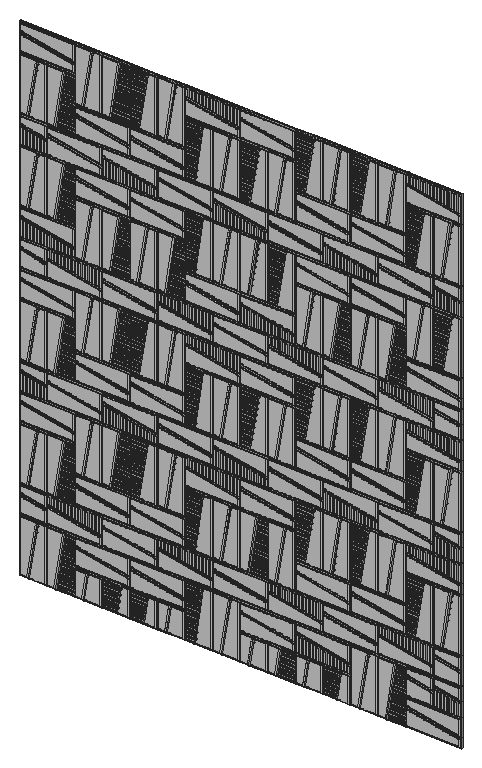
Revit family "SUR-CRV-023_RFA", category Modelos genéricos, Revit 2022
Family settings
  Puede alojar armadura = No
  Cota de conector redondo = Diámetro de uso
  Tipo de pieza = Normal
  Se basa en plano de trabajo = No
  Siempre vertical = Sí
  Corte con vacíos al cargar = No
  Mantener orientación de anotación = No
  Compartido = No
  Punto de cálculo de habitación = No
Parameters
  Elevación por defecto = 0.00"
Reference planes (in)
  plane 1 "Centro (Frontal/Posterior)": y = 0
  plane 2: z = 0
  plane 3 "Centro (Izquierda/Derecha)": x = 0
Dimensions and locks (in)
  nested 142 to nested 153 = 96.00"
  nested 142 to level = 108.00"
  nested 153 to nested 153 to nested 152 to nested 151 to nested 150 to nested 149 to nested 148 to nested 147 to nested 146 to nested 145 to nested 144 to nested 143 to nested 142 = 12.00", 6.00", 6.00", 6.00", 6.00", 12.00", 12.00", 6.00", 6.00", 6.00", 6.00", 12.00"
  aligned and locked: level to plane 2
Nested families (in)
  nested 1: "SUR-CRV-023_A_RFA" at (12, 0, 6), type "SUR-CRV-023_A_RFA"
  nested 2: "SUR-CRV-023_A_2_RFA" at (0, 0, 0), type "SUR-CRV-023_A_2_RFA"
  nested 3: "SUR-CRV-023_B_RFA" at (60, 0, 6), type "SUR-CRV-023_B_RFA"
  nested 4: "SUR-CRV-023_C_RFA" at (0, 0, 12), type "SUR-CRV-023_C_RFA"
  nested 5: "SUR-CRV-023_D_RFA" at (90, 0, 6), type "SUR-CRV-023_D_RFA"
  nested 6: "SUR-CRV-023_B_2_RFA" at (6, 0, 0), type "SUR-CRV-023_B_2_RFA"
  nested 7: "SUR-CRV-023_C_2_RFA" at (12, 0, 0), type "SUR-CRV-023_C_2_RFA"
  nested 8: "SUR-CRV-023_D_2_RFA" at (18, 0, 0), type "SUR-CRV-023_D_2_RFA"
  nested 9: "SUR-CRV-023_B_3_RFA" at (6, 0, 12), type "SUR-CRV-023_B_3_RFA"
  nested 10: "SUR-CRV-023_A_RFA" at (18, 0, 12), type "SUR-CRV-023_A_RFA"
  nested 11: "SUR-CRV-023_A_RFA" at (24, 0, 6), type "SUR-CRV-023_A_RFA"
  nested 12: "SUR-CRV-023_B_3_RFA" at (30, 0, 12), type "SUR-CRV-023_B_3_RFA"
  nested 13: "SUR-CRV-023_D_2_RFA" at (24, 0, 0), type "SUR-CRV-023_D_2_RFA"
  nested 14: "SUR-CRV-023_C_2_RFA" at (30, 0, 0), type "SUR-CRV-023_C_2_RFA"
  nested 15: "SUR-CRV-023_B_4_RFA" at (36, 0, 0), type "SUR-CRV-023_B_4_RFA"
  nested 16: "SUR-CRV-023_A_2_RFA" at (42, 0, 0), type "SUR-CRV-023_A_2_RFA"
  nested 17: "SUR-CRV-023_A_RFA" at (48, 0, 6), type "SUR-CRV-023_A_RFA"
  nested 18: "SUR-CRV-023_C_2_RFA" at (48, 0, 0), type "SUR-CRV-023_C_2_RFA"
  nested 19: "SUR-CRV-023_D_3_RFA" at (54, 0, 0), type "SUR-CRV-023_D_3_RFA"
  nested 20: "SUR-CRV-023_C_2_RFA" at (60, 0, 0), type "SUR-CRV-023_C_2_RFA"
  nested 21: "SUR-CRV-023_D_2_RFA" at (66, 0, 0), type "SUR-CRV-023_D_2_RFA"
  nested 22: "SUR-CRV-023_A_2_RFA" at (72, 0, 0), type "SUR-CRV-023_A_2_RFA"
  nested 23: "SUR-CRV-023_B_2_RFA" at (78, 0, 0), type "SUR-CRV-023_B_2_RFA"
  nested 24: "SUR-CRV-023_A_RFA" at (84, 0, 0), type "SUR-CRV-023_A_RFA"
  nested 25: "SUR-CRV-023_C_RFA" at (84, 0, 6), type "SUR-CRV-023_C_RFA"
  nested 26: "SUR-CRV-023_A_RFA" at (42, 0, 12), type "SUR-CRV-023_A_RFA"
  nested 27: "SUR-CRV-023_B_3_RFA" at (54, 0, 12), type "SUR-CRV-023_B_3_RFA"
  nested 28: "SUR-CRV-023_A_RFA" at (66, 0, 12), type "SUR-CRV-023_A_RFA"
  nested 29: "SUR-CRV-023_B_3_RFA" at (78, 0, 12), type "SUR-CRV-023_B_3_RFA"
  nested 30: "SUR-CRV-023_C_RFA" at (90, 0, 12), type "SUR-CRV-023_C_RFA"
  nested 31: "SUR-CRV-023_A_2_RFA" at (0, 0, 18), type "SUR-CRV-023_A_2_RFA"
  nested 32: "SUR-CRV-023_B_2_RFA" at (6, 0, 18), type "SUR-CRV-023_B_2_RFA"
  nested 33: "SUR-CRV-023_A_RFA" at (12, 0, 18), type "SUR-CRV-023_A_RFA"
  nested 34: "SUR-CRV-023_A_RFA" at (24, 0, 18), type "SUR-CRV-023_A_RFA"
  nested 35: "SUR-CRV-023_B_4_RFA" at (36, 0, 18), type "SUR-CRV-023_B_4_RFA"
  nested 36: "SUR-CRV-023_A_2_RFA" at (42, 0, 18), type "SUR-CRV-023_A_2_RFA"
  nested 37: "SUR-CRV-023_B_2_RFA" at (48, 0, 18), type "SUR-CRV-023_B_2_RFA"
  nested 38: "SUR-CRV-023_A_2_RFA" at (54, 0, 18), type "SUR-CRV-023_A_2_RFA"
  nested 39: "SUR-CRV-023_A_RFA" at (60, 0, 18), type "SUR-CRV-023_A_RFA"
  nested 40: "SUR-CRV-023_A_RFA" at (72, 0, 18), type "SUR-CRV-023_A_RFA"
  nested 41: "SUR-CRV-023_B_4_RFA" at (84, 0, 18), type "SUR-CRV-023_B_4_RFA"
  nested 42: "SUR-CRV-023_A_2_RFA" at (90, 0, 18), type "SUR-CRV-023_A_2_RFA"
  nested 43: "SUR-CRV-023_A_RFA" at (0, 0, 30), type "SUR-CRV-023_A_RFA"
  nested 44: "SUR-CRV-023_A_2_RFA" at (12, 0, 24), type "SUR-CRV-023_A_2_RFA"
  nested 45: "SUR-CRV-023_B_2_RFA" at (18, 0, 24), type "SUR-CRV-023_B_2_RFA"
  nested 46: "SUR-CRV-023_B_4_RFA" at (24, 0, 24), type "SUR-CRV-023_B_4_RFA"
  nested 47: "SUR-CRV-023_A_2_RFA" at (30, 0, 24), type "SUR-CRV-023_A_2_RFA"
  nested 48: "SUR-CRV-023_B_3_RFA" at (36, 0, 30), type "SUR-CRV-023_B_3_RFA"
  nested 49: "SUR-CRV-023_A_RFA" at (48, 0, 30), type "SUR-CRV-023_A_RFA"
  nested 50: "SUR-CRV-023_B_4_RFA" at (60, 0, 24), type "SUR-CRV-023_B_4_RFA"
  nested 51: "SUR-CRV-023_A_2_RFA" at (66, 0, 24), type "SUR-CRV-023_A_2_RFA"
  nested 52: "SUR-CRV-023_B_4_RFA" at (72, 0, 24), type "SUR-CRV-023_B_4_RFA"
  nested 53: "SUR-CRV-023_A_2_RFA" at (78, 0, 24), type "SUR-CRV-023_A_2_RFA"
  nested 54: "SUR-CRV-023_B_3_RFA" at (84, 0, 30), type "SUR-CRV-023_B_3_RFA"
  nested 55: "SUR-CRV-023_D_RFA" at (0, 0, 36), type "SUR-CRV-023_D_RFA"
  nested 56: "SUR-CRV-023_A_RFA" at (6, 0, 36), type "SUR-CRV-023_A_RFA"
  nested 57: "SUR-CRV-023_B_RFA" at (18, 0, 36), type "SUR-CRV-023_B_RFA"
  nested 58: "SUR-CRV-023_A_RFA" at (30, 0, 36), type "SUR-CRV-023_A_RFA"
  nested 59: "SUR-CRV-023_B_RFA" at (42, 0, 36), type "SUR-CRV-023_B_RFA"
  nested 60: "SUR-CRV-023_A_RFA" at (54, 0, 36), type "SUR-CRV-023_A_RFA"
  nested 61: "SUR-CRV-023_B_RFA" at (66, 0, 36), type "SUR-CRV-023_B_RFA"
  nested 62: "SUR-CRV-023_A_RFA" at (78, 0, 36), type "SUR-CRV-023_A_RFA"
  nested 63: "SUR-CRV-023_D_RFA" at (90, 0, 36), type "SUR-CRV-023_D_RFA"
  nested 64: "SUR-CRV-023_A_2_RFA" at (0, 0, 42), type "SUR-CRV-023_A_2_RFA"
  nested 65: "SUR-CRV-023_B_2_RFA" at (6, 0, 42), type "SUR-CRV-023_B_2_RFA"
  nested 66: "SUR-CRV-023_A_RFA" at (12, 0, 42), type "SUR-CRV-023_A_RFA"
  nested 67: "SUR-CRV-023_A_RFA" at (24, 0, 42), type "SUR-CRV-023_A_RFA"
  nested 68: "SUR-CRV-023_B_4_RFA" at (36, 0, 42), type "SUR-CRV-023_B_4_RFA"
  nested 69: "SUR-CRV-023_A_2_RFA" at (42, 0, 42), type "SUR-CRV-023_A_2_RFA"
  nested 70: "SUR-CRV-023_B_4_RFA" at (48, 0, 42), type "SUR-CRV-023_B_4_RFA"
  nested 71: "SUR-CRV-023_A_2_RFA" at (54, 0, 42), type "SUR-CRV-023_A_2_RFA"
  nested 72: "SUR-CRV-023_A_RFA" at (60, 0, 42), type "SUR-CRV-023_A_RFA"
  nested 73: "SUR-CRV-023_A_RFA" at (72, 0, 42), type "SUR-CRV-023_A_RFA"
  nested 74: "SUR-CRV-023_B_4_RFA" at (84, 0, 42), type "SUR-CRV-023_B_4_RFA"
  nested 75: "SUR-CRV-023_A_2_RFA" at (90, 0, 42), type "SUR-CRV-023_A_2_RFA"
  nested 76: "SUR-CRV-023_A_RFA" at (0, 0, 54), type "SUR-CRV-023_A_RFA"
  nested 77: "SUR-CRV-023_A_2_RFA" at (12, 0, 48), type "SUR-CRV-023_A_2_RFA"
  nested 78: "SUR-CRV-023_B_2_RFA" at (18, 0, 48), type "SUR-CRV-023_B_2_RFA"
  nested 79: "SUR-CRV-023_B_4_RFA" at (24, 0, 48), type "SUR-CRV-023_B_4_RFA"
  nested 80: "SUR-CRV-023_A_2_RFA" at (30, 0, 48), type "SUR-CRV-023_A_2_RFA"
  nested 81: "SUR-CRV-023_B_3_RFA" at (36, 0, 54), type "SUR-CRV-023_B_3_RFA"
  nested 82: "SUR-CRV-023_A_RFA" at (48, 0, 54), type "SUR-CRV-023_A_RFA"
  nested 83: "SUR-CRV-023_B_4_RFA" at (60, 0, 48), type "SUR-CRV-023_B_4_RFA"
  nested 84: "SUR-CRV-023_A_2_RFA" at (66, 0, 48), type "SUR-CRV-023_A_2_RFA"
  nested 85: "SUR-CRV-023_B_4_RFA" at (72, 0, 48), type "SUR-CRV-023_B_4_RFA"
  nested 86: "SUR-CRV-023_A_2_RFA" at (78, 0, 48), type "SUR-CRV-023_A_2_RFA"
  nested 87: "SUR-CRV-023_B_3_RFA" at (84, 0, 54), type "SUR-CRV-023_B_3_RFA"
  nested 88: "SUR-CRV-023_C_RFA" at (0, 0, 60), type "SUR-CRV-023_C_RFA"
  nested 89: "SUR-CRV-023_B_3_RFA" at (6, 0, 60), type "SUR-CRV-023_B_3_RFA"
  nested 90: "SUR-CRV-023_A_RFA" at (18, 0, 60), type "SUR-CRV-023_A_RFA"
  nested 91: "SUR-CRV-023_B_3_RFA" at (30, 0, 60), type "SUR-CRV-023_B_3_RFA"
  nested 92: "SUR-CRV-023_A_RFA" at (42, 0, 60), type "SUR-CRV-023_A_RFA"
  nested 93: "SUR-CRV-023_B_3_RFA" at (54, 0, 60), type "SUR-CRV-023_B_3_RFA"
  nested 94: "SUR-CRV-023_A_RFA" at (66, 0, 60), type "SUR-CRV-023_A_RFA"
  nested 95: "SUR-CRV-023_B_3_RFA" at (78, 0, 60), type "SUR-CRV-023_B_3_RFA"
  nested 96: "SUR-CRV-023_C_RFA" at (90, 0, 60), type "SUR-CRV-023_C_RFA"
  nested 97: "SUR-CRV-023_B_RFA" at (0, 0, 66), type "SUR-CRV-023_B_RFA"
  nested 98: "SUR-CRV-023_A_2_RFA" at (0, 0, 72), type "SUR-CRV-023_A_2_RFA"
  nested 99: "SUR-CRV-023_B_2_RFA" at (6, 0, 72), type "SUR-CRV-023_B_2_RFA"
  nested 100: "SUR-CRV-023_A_2_RFA" at (12, 0, 66), type "SUR-CRV-023_A_2_RFA"
  nested 101: "SUR-CRV-023_B_2_RFA" at (18, 0, 66), type "SUR-CRV-023_B_2_RFA"
  nested 102: "SUR-CRV-023_A_RFA" at (12, 0, 78), type "SUR-CRV-023_A_RFA"
  nested 103: "SUR-CRV-023_A_2_RFA" at (24, 0, 66), type "SUR-CRV-023_A_2_RFA"
  nested 104: "SUR-CRV-023_B_2_RFA" at (30, 0, 66), type "SUR-CRV-023_B_2_RFA"
  nested 105: "SUR-CRV-023_A_RFA" at (24, 0, 78), type "SUR-CRV-023_A_RFA"
  nested 106: "SUR-CRV-023_A_RFA" at (36, 0, 66), type "SUR-CRV-023_A_RFA"
  nested 107: "SUR-CRV-023_B_RFA" at (48, 0, 66), type "SUR-CRV-023_B_RFA"
  nested 108: "SUR-CRV-023_B_4_RFA" at (36, 0, 72), type "SUR-CRV-023_B_4_RFA"
  nested 109: "SUR-CRV-023_A_2_RFA" at (42, 0, 72), type "SUR-CRV-023_A_2_RFA"
  nested 110: "SUR-CRV-023_A_2_RFA" at (48, 0, 72), type "SUR-CRV-023_A_2_RFA"
  nested 111: "SUR-CRV-023_B_4_RFA" at (54, 0, 72), type "SUR-CRV-023_B_4_RFA"
  nested 112: "SUR-CRV-023_A_2_RFA" at (60, 0, 66), type "SUR-CRV-023_A_2_RFA"
  nested 113: "SUR-CRV-023_B_2_RFA" at (66, 0, 66), type "SUR-CRV-023_B_2_RFA"
  nested 114: "SUR-CRV-023_A_RFA" at (60, 0, 78), type "SUR-CRV-023_A_RFA"
  nested 115: "SUR-CRV-023_A_2_RFA" at (72, 0, 66), type "SUR-CRV-023_A_2_RFA"
  nested 116: "SUR-CRV-023_B_2_RFA" at (78, 0, 66), type "SUR-CRV-023_B_2_RFA"
  nested 117: "SUR-CRV-023_A_RFA" at (72, 0, 78), type "SUR-CRV-023_A_RFA"
  nested 118: "SUR-CRV-023_A_RFA" at (84, 0, 66), type "SUR-CRV-023_A_RFA"
  nested 119: "SUR-CRV-023_A_2_RFA" at (84, 0, 72), type "SUR-CRV-023_A_2_RFA"
  nested 120: "SUR-CRV-023_B_4_RFA" at (90, 0, 72), type "SUR-CRV-023_B_4_RFA"
  nested 121: "SUR-CRV-023_D_RFA" at (0, 0, 84), type "SUR-CRV-023_D_RFA"
  nested 122: "SUR-CRV-023_A_RFA" at (6, 0, 84), type "SUR-CRV-023_A_RFA"
  nested 123: "SUR-CRV-023_B_RFA" at (18, 0, 84), type "SUR-CRV-023_B_RFA"
  nested 124: "SUR-CRV-023_A_RFA" at (30, 0, 84), type "SUR-CRV-023_A_RFA"
  nested 125: "SUR-CRV-023_B_RFA" at (42, 0, 84), type "SUR-CRV-023_B_RFA"
  nested 126: "SUR-CRV-023_A_RFA" at (54, 0, 84), type "SUR-CRV-023_A_RFA"
  nested 127: "SUR-CRV-023_B_RFA" at (66, 0, 84), type "SUR-CRV-023_B_RFA"
  nested 128: "SUR-CRV-023_A_RFA" at (78, 0, 84), type "SUR-CRV-023_A_RFA"
  nested 129: "SUR-CRV-023_D_RFA" at (90, 0, 84), type "SUR-CRV-023_D_RFA"
  nested 130: "SUR-CRV-023_A_2_RFA" at (0, 0, 90), type "SUR-CRV-023_A_2_RFA"
  nested 131: "SUR-CRV-023_B_2_RFA" at (6, 0, 90), type "SUR-CRV-023_B_2_RFA"
  nested 132: "SUR-CRV-023_A_RFA" at (12, 0, 90), type "SUR-CRV-023_A_RFA"
  nested 133: "SUR-CRV-023_A_RFA" at (24, 0, 90), type "SUR-CRV-023_A_RFA"
  nested 134: "SUR-CRV-023_B_4_RFA" at (36, 0, 90), type "SUR-CRV-023_B_4_RFA"
  nested 135: "SUR-CRV-023_A_2_RFA" at (42, 0, 90), type "SUR-CRV-023_A_2_RFA"
  nested 136: "SUR-CRV-023_B_4_RFA" at (48, 0, 90), type "SUR-CRV-023_B_4_RFA"
  nested 137: "SUR-CRV-023_A_2_RFA" at (54, 0, 90), type "SUR-CRV-023_A_2_RFA"
  nested 138: "SUR-CRV-023_A_RFA" at (60, 0, 90), type "SUR-CRV-023_A_RFA"
  nested 139: "SUR-CRV-023_A_RFA" at (72, 0, 90), type "SUR-CRV-023_A_RFA"
  nested 140: "SUR-CRV-023_B_4_RFA" at (84, 0, 90), type "SUR-CRV-023_B_4_RFA"
  nested 141: "SUR-CRV-023_A_2_RFA" at (90, 0, 90), type "SUR-CRV-023_A_2_RFA"
  nested 142: "SUR-CRV-023_A_RFA" at (0, 0, 102), type "SUR-CRV-023_A_RFA"
  nested 143: "SUR-CRV-023_A_2_RFA" at (12, 0, 96), type "SUR-CRV-023_A_2_RFA"
  nested 144: "SUR-CRV-023_B_2_RFA" at (18, 0, 96), type "SUR-CRV-023_B_2_RFA"
  nested 145: "SUR-CRV-023_B_4_RFA" at (24, 0, 96), type "SUR-CRV-023_B_4_RFA"
  nested 146: "SUR-CRV-023_A_2_RFA" at (30, 0, 96), type "SUR-CRV-023_A_2_RFA"
  nested 147: "SUR-CRV-023_B_3_RFA" at (36, 0, 102), type "SUR-CRV-023_B_3_RFA"
  nested 148: "SUR-CRV-023_A_RFA" at (48, 0, 102), type "SUR-CRV-023_A_RFA"
  nested 149: "SUR-CRV-023_B_4_RFA" at (60, 0, 96), type "SUR-CRV-023_B_4_RFA"
  nested 150: "SUR-CRV-023_A_2_RFA" at (66, 0, 96), type "SUR-CRV-023_A_2_RFA"
  nested 151: "SUR-CRV-023_B_4_RFA" at (72, 0, 96), type "SUR-CRV-023_B_4_RFA"
  nested 152: "SUR-CRV-023_A_2_RFA" at (78, 0, 96), type "SUR-CRV-023_A_2_RFA"
  nested 153: "SUR-CRV-023_B_3_RFA" at (84, 0, 102), type "SUR-CRV-023_B_3_RFA"
  nested 154: "SUR-CRV-023_A_RFA" at (12, 0, 6), type "SUR-CRV-023_A_RFA", not visible
  nested 155: "SUR-CRV-023_A_2_RFA" at (0, 0, 0), type "SUR-CRV-023_A_2_RFA", not visible
  nested 156: "SUR-CRV-023_B_RFA" at (60, 0, 6), type "SUR-CRV-023_B_RFA", not visible
  nested 157: "SUR-CRV-023_C_RFA" at (0, 0, 12), type "SUR-CRV-023_C_RFA", not visible
  nested 158: "SUR-CRV-023_D_RFA" at (90, 0, 6), type "SUR-CRV-023_D_RFA", not visible
  nested 159: "SUR-CRV-023_B_2_RFA" at (6, 0, 0), type "SUR-CRV-023_B_2_RFA", not visible
  nested 160: "SUR-CRV-023_C_2_RFA" at (12, 0, 0), type "SUR-CRV-023_C_2_RFA", not visible
  nested 161: "SUR-CRV-023_D_2_RFA" at (18, 0, 0), type "SUR-CRV-023_D_2_RFA", not visible
  nested 162: "SUR-CRV-023_B_3_RFA" at (6, 0, 12), type "SUR-CRV-023_B_3_RFA", not visible
  nested 163: "SUR-CRV-023_A_RFA" at (18, 0, 12), type "SUR-CRV-023_A_RFA", not visible
  nested 164: "SUR-CRV-023_A_RFA" at (24, 0, 6), type "SUR-CRV-023_A_RFA", not visible
  nested 165: "SUR-CRV-023_B_3_RFA" at (30, 0, 12), type "SUR-CRV-023_B_3_RFA", not visible
  nested 166: "SUR-CRV-023_D_2_RFA" at (24, 0, 0), type "SUR-CRV-023_D_2_RFA", not visible
  nested 167: "SUR-CRV-023_C_2_RFA" at (30, 0, 0), type "SUR-CRV-023_C_2_RFA", not visible
  nested 168: "SUR-CRV-023_B_4_RFA" at (36, 0, 0), type "SUR-CRV-023_B_4_RFA", not visible
  nested 169: "SUR-CRV-023_A_2_RFA" at (42, 0, 0), type "SUR-CRV-023_A_2_RFA", not visible
  nested 170: "SUR-CRV-023_A_RFA" at (48, 0, 6), type "SUR-CRV-023_A_RFA", not visible
  nested 171: "SUR-CRV-023_C_2_RFA" at (48, 0, 0), type "SUR-CRV-023_C_2_RFA", not visible
  nested 172: "SUR-CRV-023_D_3_RFA" at (54, 0, 0), type "SUR-CRV-023_D_3_RFA", not visible
  nested 173: "SUR-CRV-023_C_2_RFA" at (60, 0, 0), type "SUR-CRV-023_C_2_RFA", not visible
  nested 174: "SUR-CRV-023_D_2_RFA" at (66, 0, 0), type "SUR-CRV-023_D_2_RFA", not visible
  nested 175: "SUR-CRV-023_A_2_RFA" at (72, 0, 0), type "SUR-CRV-023_A_2_RFA", not visible
  nested 176: "SUR-CRV-023_B_2_RFA" at (78, 0, 0), type "SUR-CRV-023_B_2_RFA", not visible
  nested 177: "SUR-CRV-023_A_RFA" at (84, 0, 0), type "SUR-CRV-023_A_RFA", not visible
  nested 178: "SUR-CRV-023_C_RFA" at (84, 0, 6), type "SUR-CRV-023_C_RFA", not visible
  nested 179: "SUR-CRV-023_A_RFA" at (42, 0, 12), type "SUR-CRV-023_A_RFA", not visible
  nested 180: "SUR-CRV-023_B_3_RFA" at (54, 0, 12), type "SUR-CRV-023_B_3_RFA", not visible
  nested 181: "SUR-CRV-023_A_RFA" at (66, 0, 12), type "SUR-CRV-023_A_RFA", not visible
  nested 182: "SUR-CRV-023_B_3_RFA" at (78, 0, 12), type "SUR-CRV-023_B_3_RFA", not visible
  nested 183: "SUR-CRV-023_C_RFA" at (90, 0, 12), type "SUR-CRV-023_C_RFA", not visible
  nested 184: "SUR-CRV-023_A_2_RFA" at (0, 0, 18), type "SUR-CRV-023_A_2_RFA", not visible
  nested 185: "SUR-CRV-023_B_2_RFA" at (6, 0, 18), type "SUR-CRV-023_B_2_RFA", not visible
  nested 186: "SUR-CRV-023_A_RFA" at (12, 0, 18), type "SUR-CRV-023_A_RFA", not visible
  nested 187: "SUR-CRV-023_A_RFA" at (24, 0, 18), type "SUR-CRV-023_A_RFA", not visible
  nested 188: "SUR-CRV-023_B_4_RFA" at (36, 0, 18), type "SUR-CRV-023_B_4_RFA", not visible
  nested 189: "SUR-CRV-023_A_2_RFA" at (42, 0, 18), type "SUR-CRV-023_A_2_RFA", not visible
  nested 190: "SUR-CRV-023_B_2_RFA" at (48, 0, 18), type "SUR-CRV-023_B_2_RFA", not visible
  nested 191: "SUR-CRV-023_A_2_RFA" at (54, 0, 18), type "SUR-CRV-023_A_2_RFA", not visible
  nested 192: "SUR-CRV-023_A_RFA" at (60, 0, 18), type "SUR-CRV-023_A_RFA", not visible
  nested 193: "SUR-CRV-023_A_RFA" at (72, 0, 18), type "SUR-CRV-023_A_RFA", not visible
  nested 194: "SUR-CRV-023_B_4_RFA" at (84, 0, 18), type "SUR-CRV-023_B_4_RFA", not visible
  nested 195: "SUR-CRV-023_A_2_RFA" at (90, 0, 18), type "SUR-CRV-023_A_2_RFA", not visible
  nested 196: "SUR-CRV-023_A_RFA" at (0, 0, 30), type "SUR-CRV-023_A_RFA", not visible
  nested 197: "SUR-CRV-023_A_2_RFA" at (12, 0, 24), type "SUR-CRV-023_A_2_RFA", not visible
  nested 198: "SUR-CRV-023_B_2_RFA" at (18, 0, 24), type "SUR-CRV-023_B_2_RFA", not visible
  nested 199: "SUR-CRV-023_B_4_RFA" at (24, 0, 24), type "SUR-CRV-023_B_4_RFA", not visible
  nested 200: "SUR-CRV-023_A_2_RFA" at (30, 0, 24), type "SUR-CRV-023_A_2_RFA", not visible
  nested 201: "SUR-CRV-023_B_3_RFA" at (36, 0, 30), type "SUR-CRV-023_B_3_RFA", not visible
  nested 202: "SUR-CRV-023_A_RFA" at (48, 0, 30), type "SUR-CRV-023_A_RFA", not visible
  nested 203: "SUR-CRV-023_B_4_RFA" at (60, 0, 24), type "SUR-CRV-023_B_4_RFA", not visible
  nested 204: "SUR-CRV-023_A_2_RFA" at (66, 0, 24), type "SUR-CRV-023_A_2_RFA", not visible
  nested 205: "SUR-CRV-023_B_4_RFA" at (72, 0, 24), type "SUR-CRV-023_B_4_RFA", not visible
  nested 206: "SUR-CRV-023_A_2_RFA" at (78, 0, 24), type "SUR-CRV-023_A_2_RFA", not visible
  nested 207: "SUR-CRV-023_B_3_RFA" at (84, 0, 30), type "SUR-CRV-023_B_3_RFA", not visible
  nested 208: "SUR-CRV-023_D_RFA" at (0, 0, 36), type "SUR-CRV-023_D_RFA", not visible
  nested 209: "SUR-CRV-023_A_RFA" at (6, 0, 36), type "SUR-CRV-023_A_RFA", not visible
  nested 210: "SUR-CRV-023_B_RFA" at (18, 0, 36), type "SUR-CRV-023_B_RFA", not visible
  nested 211: "SUR-CRV-023_A_RFA" at (30, 0, 36), type "SUR-CRV-023_A_RFA", not visible
  nested 212: "SUR-CRV-023_B_RFA" at (42, 0, 36), type "SUR-CRV-023_B_RFA", not visible
  nested 213: "SUR-CRV-023_A_RFA" at (54, 0, 36), type "SUR-CRV-023_A_RFA", not visible
  nested 214: "SUR-CRV-023_B_RFA" at (66, 0, 36), type "SUR-CRV-023_B_RFA", not visible
  nested 215: "SUR-CRV-023_A_RFA" at (78, 0, 36), type "SUR-CRV-023_A_RFA", not visible
  nested 216: "SUR-CRV-023_D_RFA" at (90, 0, 36), type "SUR-CRV-023_D_RFA", not visible
  nested 217: "SUR-CRV-023_A_2_RFA" at (0, 0, 42), type "SUR-CRV-023_A_2_RFA", not visible
  nested 218: "SUR-CRV-023_B_2_RFA" at (6, 0, 42), type "SUR-CRV-023_B_2_RFA", not visible
  nested 219: "SUR-CRV-023_A_RFA" at (12, 0, 42), type "SUR-CRV-023_A_RFA", not visible
  nested 220: "SUR-CRV-023_A_RFA" at (24, 0, 42), type "SUR-CRV-023_A_RFA", not visible
  nested 221: "SUR-CRV-023_B_4_RFA" at (36, 0, 42), type "SUR-CRV-023_B_4_RFA", not visible
  nested 222: "SUR-CRV-023_A_2_RFA" at (42, 0, 42), type "SUR-CRV-023_A_2_RFA", not visible
  nested 223: "SUR-CRV-023_B_4_RFA" at (48, 0, 42), type "SUR-CRV-023_B_4_RFA", not visible
  nested 224: "SUR-CRV-023_A_2_RFA" at (54, 0, 42), type "SUR-CRV-023_A_2_RFA", not visible
  nested 225: "SUR-CRV-023_A_RFA" at (60, 0, 42), type "SUR-CRV-023_A_RFA", not visible
  nested 226: "SUR-CRV-023_A_RFA" at (72, 0, 42), type "SUR-CRV-023_A_RFA", not visible
  nested 227: "SUR-CRV-023_B_4_RFA" at (84, 0, 42), type "SUR-CRV-023_B_4_RFA", not visible
  nested 228: "SUR-CRV-023_A_2_RFA" at (90, 0, 42), type "SUR-CRV-023_A_2_RFA", not visible
  nested 229: "SUR-CRV-023_A_RFA" at (0, 0, 54), type "SUR-CRV-023_A_RFA", not visible
  nested 230: "SUR-CRV-023_A_2_RFA" at (12, 0, 48), type "SUR-CRV-023_A_2_RFA", not visible
  nested 231: "SUR-CRV-023_B_2_RFA" at (18, 0, 48), type "SUR-CRV-023_B_2_RFA", not visible
  nested 232: "SUR-CRV-023_B_4_RFA" at (24, 0, 48), type "SUR-CRV-023_B_4_RFA", not visible
  nested 233: "SUR-CRV-023_A_2_RFA" at (30, 0, 48), type "SUR-CRV-023_A_2_RFA", not visible
  nested 234: "SUR-CRV-023_B_3_RFA" at (36, 0, 54), type "SUR-CRV-023_B_3_RFA", not visible
  nested 235: "SUR-CRV-023_A_RFA" at (48, 0, 54), type "SUR-CRV-023_A_RFA", not visible
  nested 236: "SUR-CRV-023_B_4_RFA" at (60, 0, 48), type "SUR-CRV-023_B_4_RFA", not visible
  nested 237: "SUR-CRV-023_A_2_RFA" at (66, 0, 48), type "SUR-CRV-023_A_2_RFA", not visible
  nested 238: "SUR-CRV-023_B_4_RFA" at (72, 0, 48), type "SUR-CRV-023_B_4_RFA", not visible
  nested 239: "SUR-CRV-023_A_2_RFA" at (78, 0, 48), type "SUR-CRV-023_A_2_RFA", not visible
  nested 240: "SUR-CRV-023_B_3_RFA" at (84, 0, 54), type "SUR-CRV-023_B_3_RFA", not visible
  nested 241: "SUR-CRV-023_C_RFA" at (0, 0, 60), type "SUR-CRV-023_C_RFA", not visible
  nested 242: "SUR-CRV-023_B_3_RFA" at (6, 0, 60), type "SUR-CRV-023_B_3_RFA", not visible
  nested 243: "SUR-CRV-023_A_RFA" at (18, 0, 60), type "SUR-CRV-023_A_RFA", not visible
  nested 244: "SUR-CRV-023_B_3_RFA" at (30, 0, 60), type "SUR-CRV-023_B_3_RFA", not visible
  nested 245: "SUR-CRV-023_A_RFA" at (42, 0, 60), type "SUR-CRV-023_A_RFA", not visible
  nested 246: "SUR-CRV-023_B_3_RFA" at (54, 0, 60), type "SUR-CRV-023_B_3_RFA", not visible
  nested 247: "SUR-CRV-023_A_RFA" at (66, 0, 60), type "SUR-CRV-023_A_RFA", not visible
  nested 248: "SUR-CRV-023_B_3_RFA" at (78, 0, 60), type "SUR-CRV-023_B_3_RFA", not visible
  nested 249: "SUR-CRV-023_C_RFA" at (90, 0, 60), type "SUR-CRV-023_C_RFA", not visible
  nested 250: "SUR-CRV-023_B_RFA" at (0, 0, 66), type "SUR-CRV-023_B_RFA", not visible
  nested 251: "SUR-CRV-023_A_2_RFA" at (0, 0, 72), type "SUR-CRV-023_A_2_RFA", not visible
  nested 252: "SUR-CRV-023_B_2_RFA" at (6, 0, 72), type "SUR-CRV-023_B_2_RFA", not visible
  nested 253: "SUR-CRV-023_A_2_RFA" at (12, 0, 66), type "SUR-CRV-023_A_2_RFA", not visible
  nested 254: "SUR-CRV-023_B_2_RFA" at (18, 0, 66), type "SUR-CRV-023_B_2_RFA", not visible
  nested 255: "SUR-CRV-023_A_RFA" at (12, 0, 78), type "SUR-CRV-023_A_RFA", not visible
  nested 256: "SUR-CRV-023_A_2_RFA" at (24, 0, 66), type "SUR-CRV-023_A_2_RFA", not visible
  nested 257: "SUR-CRV-023_B_2_RFA" at (30, 0, 66), type "SUR-CRV-023_B_2_RFA", not visible
  nested 258: "SUR-CRV-023_A_RFA" at (24, 0, 78), type "SUR-CRV-023_A_RFA", not visible
  nested 259: "SUR-CRV-023_A_RFA" at (36, 0, 66), type "SUR-CRV-023_A_RFA", not visible
  nested 260: "SUR-CRV-023_B_RFA" at (48, 0, 66), type "SUR-CRV-023_B_RFA", not visible
  nested 261: "SUR-CRV-023_B_4_RFA" at (36, 0, 72), type "SUR-CRV-023_B_4_RFA", not visible
  nested 262: "SUR-CRV-023_A_2_RFA" at (42, 0, 72), type "SUR-CRV-023_A_2_RFA", not visible
  nested 263: "SUR-CRV-023_A_2_RFA" at (48, 0, 72), type "SUR-CRV-023_A_2_RFA", not visible
  nested 264: "SUR-CRV-023_B_4_RFA" at (54, 0, 72), type "SUR-CRV-023_B_4_RFA", not visible
  nested 265: "SUR-CRV-023_A_2_RFA" at (60, 0, 66), type "SUR-CRV-023_A_2_RFA", not visible
  nested 266: "SUR-CRV-023_B_2_RFA" at (66, 0, 66), type "SUR-CRV-023_B_2_RFA", not visible
  nested 267: "SUR-CRV-023_A_RFA" at (60, 0, 78), type "SUR-CRV-023_A_RFA", not visible
  nested 268: "SUR-CRV-023_A_2_RFA" at (72, 0, 66), type "SUR-CRV-023_A_2_RFA", not visible
  nested 269: "SUR-CRV-023_B_2_RFA" at (78, 0, 66), type "SUR-CRV-023_B_2_RFA", not visible
  nested 270: "SUR-CRV-023_A_RFA" at (72, 0, 78), type "SUR-CRV-023_A_RFA", not visible
  nested 271: "SUR-CRV-023_A_RFA" at (84, 0, 66), type "SUR-CRV-023_A_RFA", not visible
  nested 272: "SUR-CRV-023_A_2_RFA" at (84, 0, 72), type "SUR-CRV-023_A_2_RFA", not visible
  nested 273: "SUR-CRV-023_B_4_RFA" at (90, 0, 72), type "SUR-CRV-023_B_4_RFA", not visible
  nested 274: "SUR-CRV-023_D_RFA" at (0, 0, 84), type "SUR-CRV-023_D_RFA", not visible
  nested 275: "SUR-CRV-023_A_RFA" at (6, 0, 84), type "SUR-CRV-023_A_RFA", not visible
  nested 276: "SUR-CRV-023_B_RFA" at (18, 0, 84), type "SUR-CRV-023_B_RFA", not visible
  nested 277: "SUR-CRV-023_A_RFA" at (30, 0, 84), type "SUR-CRV-023_A_RFA", not visible
  nested 278: "SUR-CRV-023_B_RFA" at (42, 0, 84), type "SUR-CRV-023_B_RFA", not visible
  nested 279: "SUR-CRV-023_A_RFA" at (54, 0, 84), type "SUR-CRV-023_A_RFA", not visible
  nested 280: "SUR-CRV-023_B_RFA" at (66, 0, 84), type "SUR-CRV-023_B_RFA", not visible
  nested 281: "SUR-CRV-023_A_RFA" at (78, 0, 84), type "SUR-CRV-023_A_RFA", not visible
  nested 282: "SUR-CRV-023_D_RFA" at (90, 0, 84), type "SUR-CRV-023_D_RFA", not visible
  nested 283: "SUR-CRV-023_A_2_RFA" at (0, 0, 90), type "SUR-CRV-023_A_2_RFA", not visible
  nested 284: "SUR-CRV-023_B_2_RFA" at (6, 0, 90), type "SUR-CRV-023_B_2_RFA", not visible
  nested 285: "SUR-CRV-023_A_RFA" at (12, 0, 90), type "SUR-CRV-023_A_RFA", not visible
  nested 286: "SUR-CRV-023_A_RFA" at (24, 0, 90), type "SUR-CRV-023_A_RFA", not visible
  nested 287: "SUR-CRV-023_B_4_RFA" at (36, 0, 90), type "SUR-CRV-023_B_4_RFA", not visible
  nested 288: "SUR-CRV-023_A_2_RFA" at (42, 0, 90), type "SUR-CRV-023_A_2_RFA", not visible
  nested 289: "SUR-CRV-023_B_4_RFA" at (48, 0, 90), type "SUR-CRV-023_B_4_RFA", not visible
  nested 290: "SUR-CRV-023_A_2_RFA" at (54, 0, 90), type "SUR-CRV-023_A_2_RFA", not visible
  nested 291: "SUR-CRV-023_A_RFA" at (60, 0, 90), type "SUR-CRV-023_A_RFA", not visible
  nested 292: "SUR-CRV-023_A_RFA" at (72, 0, 90), type "SUR-CRV-023_A_RFA", not visible
  nested 293: "SUR-CRV-023_B_4_RFA" at (84, 0, 90), type "SUR-CRV-023_B_4_RFA", not visible
  nested 294: "SUR-CRV-023_A_2_RFA" at (90, 0, 90), type "SUR-CRV-023_A_2_RFA", not visible
  nested 295: "SUR-CRV-023_A_RFA" at (0, 0, 102), type "SUR-CRV-023_A_RFA", not visible
  nested 296: "SUR-CRV-023_A_2_RFA" at (12, 0, 96), type "SUR-CRV-023_A_2_RFA", not visible
  nested 297: "SUR-CRV-023_B_2_RFA" at (18, 0, 96), type "SUR-CRV-023_B_2_RFA", not visible
  nested 298: "SUR-CRV-023_B_4_RFA" at (24, 0, 96), type "SUR-CRV-023_B_4_RFA", not visible
  nested 299: "SUR-CRV-023_A_2_RFA" at (30, 0, 96), type "SUR-CRV-023_A_2_RFA", not visible
  nested 300: "SUR-CRV-023_B_3_RFA" at (36, 0, 102), type "SUR-CRV-023_B_3_RFA", not visible
  nested 301: "SUR-CRV-023_A_RFA" at (48, 0, 102), type "SUR-CRV-023_A_RFA", not visible
  nested 302: "SUR-CRV-023_B_4_RFA" at (60, 0, 96), type "SUR-CRV-023_B_4_RFA", not visible
  nested 303: "SUR-CRV-023_A_2_RFA" at (66, 0, 96), type "SUR-CRV-023_A_2_RFA", not visible
  nested 304: "SUR-CRV-023_B_4_RFA" at (72, 0, 96), type "SUR-CRV-023_B_4_RFA", not visible
  nested 305: "SUR-CRV-023_A_2_RFA" at (78, 0, 96), type "SUR-CRV-023_A_2_RFA", not visible
  nested 306: "SUR-CRV-023_B_3_RFA" at (84, 0, 102), type "SUR-CRV-023_B_3_RFA", not visible
Definition of nested family "SUR-CRV-023_A_RFA"
  Parameters
    Default Elevation = 0.00"
  Reference planes (in)
    plane 1 "Centro (Frontal/Posterior)": y = 0
    plane 2: z = 0
    plane 3 "Centro (Izquierda/Derecha)": x = 0
  Forms (in)
    Extrusion 1, solid
      sketch origin (0, 0, 0) x (1, 0, 0) y (0, 0, 1)
        loop
          line (0, 6) -> (0, 0) -> (12, 0) -> (12, 6) -> (0, 6)
      from -0.59055 to -0.35433
    Blend 2, solid
      base sketch origin (0, 0, 0) x (1, 0, 0) y (0, 0, 1)
        loop
          line (0, 0) -> (12, 0) -> (12, 2) -> (0, 4) -> (0, 0)
      top sketch origin (0, 0, 0) x (1, 0, 0) y (0, 0, 1)
        loop
          line (0.23622, 3.72441) -> (0.23622, 0.23622) -> (11.76378, 0.23622) -> (11.76378, 1.80315) -> (0.23622, 3.72441)
      from -0.35433 to -0.11811
    Blend 3, solid
      base sketch origin (0, 0, 0) x (1, 0, 0) y (0, 0, 1)
        loop
          line (0.23622, 3.72441) -> (0.23622, 0.23622) -> (11.76378, 0.23622) -> (11.76378, 1.80315) -> (0.23622, 3.72441)
      top sketch origin (0, 0, 0) x (1, 0, 0) y (0, 0, 1)
        loop
          line (0.35433, 3.58661) -> (0.35433, 0.35433) -> (11.64567, 0.35433) -> (11.64567, 1.70472) -> (0.35433, 3.58661)
      from -0.11811 to 0
    Blend 4, solid
      base sketch origin (0, 0, 0) x (1, 0, 0) y (0, 0, 1)
        loop
          line (0, 4) -> (12, 2) -> (12, 6) -> (0, 6) -> (0, 4)
      top sketch origin (0, 0, 0) x (1, 0, 0) y (0, 0, 1)
        loop
          line (11.76378, 5.76378) -> (0.23622, 5.76378) -> (0.23622, 4.19685) -> (11.76378, 2.27559) -> (11.76378, 5.76378)
      from -0.35433 to -0.11811
    Blend 5, solid
      base sketch origin (0, 0, 0) x (1, 0, 0) y (0, 0, 1)
        loop
          line (11.76378, 5.76378) -> (0.23622, 5.76378) -> (0.23622, 4.19685) -> (11.76378, 2.27559) -> (11.76378, 5.76378)
      top sketch origin (0, 0, 0) x (1, 0, 0) y (0, 0, 1)
        loop
          line (11.64567, 2.41339) -> (11.64567, 5.64567) -> (0.35433, 5.64567) -> (0.35433, 4.29528) -> (11.64567, 2.41339)
      from -0.11811 to 0
    Extrusion 6, solid, not visible
      sketch origin (0, 0, 0) x (1, 0, 0) y (0, 0, 1)
        loop
          line (0, 6) -> (0, 0) -> (12, 0) -> (12, 6) -> (0, 6)
      from -0.59055 to -0.35433
    Blend 7, solid, not visible
      base sketch origin (0, 0, 0) x (1, 0, 0) y (0, 0, 1)
        loop
          line (0, 0) -> (12, 0) -> (12, 2) -> (0, 4) -> (0, 0)
      top sketch origin (0, 0, 0) x (1, 0, 0) y (0, 0, 1)
        loop
          line (0.23622, 3.72441) -> (0.23622, 0.23622) -> (11.76378, 0.23622) -> (11.76378, 1.80315) -> (0.23622, 3.72441)
      from -0.35433 to -0.11811
    Blend 8, solid, not visible
      base sketch origin (0, 0, 0) x (1, 0, 0) y (0, 0, 1)
        loop
          line (0.23622, 3.72441) -> (0.23622, 0.23622) -> (11.76378, 0.23622) -> (11.76378, 1.80315) -> (0.23622, 3.72441)
      top sketch origin (0, 0, 0) x (1, 0, 0) y (0, 0, 1)
        loop
          line (0.35433, 3.58661) -> (0.35433, 0.35433) -> (11.64567, 0.35433) -> (11.64567, 1.70472) -> (0.35433, 3.58661)
      from -0.11811 to 0
    Blend 9, solid, not visible
      base sketch origin (0, 0, 0) x (1, 0, 0) y (0, 0, 1)
        loop
          line (0, 4) -> (12, 2) -> (12, 6) -> (0, 6) -> (0, 4)
      top sketch origin (0, 0, 0) x (1, 0, 0) y (0, 0, 1)
        loop
          line (11.76378, 5.76378) -> (0.23622, 5.76378) -> (0.23622, 4.19685) -> (11.76378, 2.27559) -> (11.76378, 5.76378)
      from -0.35433 to -0.11811
    Blend 10, solid, not visible
      base sketch origin (0, 0, 0) x (1, 0, 0) y (0, 0, 1)
        loop
          line (11.76378, 5.76378) -> (0.23622, 5.76378) -> (0.23622, 4.19685) -> (11.76378, 2.27559) -> (11.76378, 5.76378)
      top sketch origin (0, 0, 0) x (1, 0, 0) y (0, 0, 1)
        loop
          line (11.64567, 2.41339) -> (11.64567, 5.64567) -> (0.35433, 5.64567) -> (0.35433, 4.29528) -> (11.64567, 2.41339)
      from -0.11811 to 0
  Dimensions and locks (in)
    aligned and locked: level to plane 2
Definition of nested family "SUR-CRV-023_A_2_RFA"
  Parameters (values of type "SUR-CRV-023_A_2_RFA")
    Default Elevation = 0.00"
  Reference planes (in)
    plane 1 "Centro (Frontal/Posterior)": y = 0
    plane 2: z = 0
    plane 3 "Centro (Izquierda/Derecha)": x = 0
  Forms (in)
    Extrusion 1, solid
      sketch origin (6, 0, 0) x (0, 0, 1) y (-1, 0, 0)
        loop
          line (0, 6) -> (0, 0) -> (12, 0) -> (12, 6) -> (0, 6)
      from -0.59055 to -0.35433
    Blend 2, solid
      base sketch origin (6, 0, 0) x (0, 0, 1) y (-1, 0, 0)
        loop
          line (0, 0) -> (12, 0) -> (12, 2) -> (0, 4) -> (0, 0)
      top sketch origin (6, 0, 0) x (0, 0, 1) y (-1, 0, 0)
        loop
          line (0.23622, 3.72441) -> (0.23622, 0.23622) -> (11.76378, 0.23622) -> (11.76378, 1.80315) -> (0.23622, 3.72441)
      from -0.35433 to -0.11811
    Blend 3, solid
      base sketch origin (6, 0, 0) x (0, 0, 1) y (-1, 0, 0)
        loop
          line (0.23622, 3.72441) -> (0.23622, 0.23622) -> (11.76378, 0.23622) -> (11.76378, 1.80315) -> (0.23622, 3.72441)
      top sketch origin (6, 0, 0) x (0, 0, 1) y (-1, 0, 0)
        loop
          line (0.35433, 3.58661) -> (0.35433, 0.35433) -> (11.64567, 0.35433) -> (11.64567, 1.70472) -> (0.35433, 3.58661)
      from -0.11811 to 0
    Blend 4, solid
      base sketch origin (6, 0, 0) x (0, 0, 1) y (-1, 0, 0)
        loop
          line (0, 4) -> (12, 2) -> (12, 6) -> (0, 6) -> (0, 4)
      top sketch origin (6, 0, 0) x (0, 0, 1) y (-1, 0, 0)
        loop
          line (11.76378, 5.76378) -> (0.23622, 5.76378) -> (0.23622, 4.19685) -> (11.76378, 2.27559) -> (11.76378, 5.76378)
      from -0.35433 to -0.11811
    Blend 5, solid
      base sketch origin (6, 0, 0) x (0, 0, 1) y (-1, 0, 0)
        loop
          line (11.76378, 5.76378) -> (0.23622, 5.76378) -> (0.23622, 4.19685) -> (11.76378, 2.27559) -> (11.76378, 5.76378)
      top sketch origin (6, 0, 0) x (0, 0, 1) y (-1, 0, 0)
        loop
          line (11.64567, 2.41339) -> (11.64567, 5.64567) -> (0.35433, 5.64567) -> (0.35433, 4.29528) -> (11.64567, 2.41339)
      from -0.11811 to 0
    Extrusion 6, solid, not visible
      sketch origin (0, 0, 0) x (1, 0, 0) y (0, 0, 1)
        loop
          line (0, 6) -> (0, 0) -> (12, 0) -> (12, 6) -> (0, 6)
      from -0.59055 to -0.35433
    Blend 7, solid, not visible
      base sketch origin (0, 0, 0) x (1, 0, 0) y (0, 0, 1)
        loop
          line (0, 0) -> (12, 0) -> (12, 2) -> (0, 4) -> (0, 0)
      top sketch origin (0, 0, 0) x (1, 0, 0) y (0, 0, 1)
        loop
          line (0.23622, 3.72441) -> (0.23622, 0.23622) -> (11.76378, 0.23622) -> (11.76378, 1.80315) -> (0.23622, 3.72441)
      from -0.35433 to -0.11811
    Blend 8, solid, not visible
      base sketch origin (0, 0, 0) x (1, 0, 0) y (0, 0, 1)
        loop
          line (0.23622, 3.72441) -> (0.23622, 0.23622) -> (11.76378, 0.23622) -> (11.76378, 1.80315) -> (0.23622, 3.72441)
      top sketch origin (0, 0, 0) x (1, 0, 0) y (0, 0, 1)
        loop
          line (0.35433, 3.58661) -> (0.35433, 0.35433) -> (11.64567, 0.35433) -> (11.64567, 1.70472) -> (0.35433, 3.58661)
      from -0.11811 to 0
    Blend 9, solid, not visible
      base sketch origin (0, 0, 0) x (1, 0, 0) y (0, 0, 1)
        loop
          line (0, 4) -> (12, 2) -> (12, 6) -> (0, 6) -> (0, 4)
      top sketch origin (0, 0, 0) x (1, 0, 0) y (0, 0, 1)
        loop
          line (11.76378, 5.76378) -> (0.23622, 5.76378) -> (0.23622, 4.19685) -> (11.76378, 2.27559) -> (11.76378, 5.76378)
      from -0.35433 to -0.11811
    Blend 10, solid, not visible
      base sketch origin (0, 0, 0) x (1, 0, 0) y (0, 0, 1)
        loop
          line (11.76378, 5.76378) -> (0.23622, 5.76378) -> (0.23622, 4.19685) -> (11.76378, 2.27559) -> (11.76378, 5.76378)
      top sketch origin (0, 0, 0) x (1, 0, 0) y (0, 0, 1)
        loop
          line (11.64567, 2.41339) -> (11.64567, 5.64567) -> (0.35433, 5.64567) -> (0.35433, 4.29528) -> (11.64567, 2.41339)
      from -0.11811 to 0
  Dimensions and locks (in)
    aligned and locked: level to plane 2
Definition of nested family "SUR-CRV-023_B_RFA"
  Parameters
    Default Elevation = 0.00"
  Reference planes (in)
    plane 1 "Centro (Frontal/Posterior)": y = 0
    plane 2: z = 0
    plane 3 "Centro (Izquierda/Derecha)": x = 0
  Forms (in)
    Extrusion 1, solid
      sketch origin (0, 0, 0) x (1, 0, 0) y (0, 0, 1)
        loop
          line (0, 6) -> (0, 0) -> (12, 0) -> (12, 6) -> (0, 6)
      from -0.59055 to -0.35433
    Blend 2, solid
      base sketch origin (0, 0, 0) x (1, 0, 0) y (0, 0, 1)
        loop
          line (0, 0) -> (0.75, 0) -> (0.75, 3.875) -> (0, 4) -> (0, 0)
      top sketch origin (0, 0, 0) x (1, 0, 0) y (0, 0, 1)
        loop
          line (0.23622, 3.72441) -> (0.23622, 0.23622) -> (0.51378, 0.23622) -> (0.51378, 3.67815) -> (0.23622, 3.72441)
      from -0.35433 to -0.11811
    Blend 3, solid
      base sketch origin (0, 0, 0) x (1, 0, 0) y (0, 0, 1)
        loop
          line (0.23622, 3.72441) -> (0.23622, 0.23622) -> (0.51378, 0.23622) -> (0.51378, 3.67815) -> (0.23622, 3.72441)
      top sketch origin (0, 0, 0) x (1, 0, 0) y (0, 0, 1)
        loop
          line (0.35433, 3.58661) -> (0.35433, 0.35433) -> (0.39567, 0.35433) -> (0.39567, 3.57972) -> (0.35433, 3.58661)
      from -0.11811 to 0
    Blend 4, solid
      base sketch origin (0, 0, 0) x (1, 0, 0) y (0, 0, 1)
        loop
          line (0, 4) -> (12, 2) -> (12, 6) -> (0, 6) -> (0, 4)
      top sketch origin (0, 0, 0) x (1, 0, 0) y (0, 0, 1)
        loop
          line (11.76378, 5.76378) -> (0.23622, 5.76378) -> (0.23622, 4.19685) -> (11.76378, 2.27559) -> (11.76378, 5.76378)
      from -0.35433 to -0.11811
    Blend 5, solid
      base sketch origin (0, 0, 0) x (1, 0, 0) y (0, 0, 1)
        loop
          line (11.76378, 5.76378) -> (0.23622, 5.76378) -> (0.23622, 4.19685) -> (11.76378, 2.27559) -> (11.76378, 5.76378)
      top sketch origin (0, 0, 0) x (1, 0, 0) y (0, 0, 1)
        loop
          line (11.64567, 2.41339) -> (11.64567, 5.64567) -> (0.35433, 5.64567) -> (0.35433, 4.29528) -> (11.64567, 2.41339)
      from -0.11811 to 0
    Blend 6, solid
      base sketch origin (0.75, 0, 0) x (1, 0, 0) y (0, 0, 1)
        loop
          line (0, 0) -> (0.75, 0) -> (0.75, 3.75) -> (0, 3.875) -> (0, 0)
      top sketch origin (0.75, 0, 0) x (1, 0, 0) y (0, 0, 1)
        loop
          line (0.23622, 3.59941) -> (0.23622, 0.23622) -> (0.51378, 0.23622) -> (0.51378, 3.55315) -> (0.23622, 3.59941)
      from -0.35433 to -0.11811
    Blend 7, solid
      base sketch origin (0.75, 0, 0) x (1, 0, 0) y (0, 0, 1)
        loop
          line (0.23622, 3.59941) -> (0.23622, 0.23622) -> (0.51378, 0.23622) -> (0.51378, 3.55315) -> (0.23622, 3.59941)
      top sketch origin (0.75, 0, 0) x (1, 0, 0) y (0, 0, 1)
        loop
          line (0.35433, 3.46161) -> (0.35433, 0.35433) -> (0.39567, 0.35433) -> (0.39567, 3.45472) -> (0.35433, 3.46161)
      from -0.11811 to 0
    Blend 8, solid
      base sketch origin (1.5, 0, 0) x (1, 0, 0) y (0, 0, 1)
        loop
          line (0, 0) -> (0.75, 0) -> (0.75, 3.625) -> (0, 3.75) -> (0, 0)
      top sketch origin (1.5, 0, 0) x (1, 0, 0) y (0, 0, 1)
        loop
          line (0.23622, 3.47441) -> (0.23622, 0.23622) -> (0.51378, 0.23622) -> (0.51378, 3.42815) -> (0.23622, 3.47441)
      from -0.35433 to -0.11811
    Blend 9, solid
      base sketch origin (1.5, 0, 0) x (1, 0, 0) y (0, 0, 1)
        loop
          line (0.23622, 3.47441) -> (0.23622, 0.23622) -> (0.51378, 0.23622) -> (0.51378, 3.42815) -> (0.23622, 3.47441)
      top sketch origin (1.5, 0, 0) x (1, 0, 0) y (0, 0, 1)
        loop
          line (0.35433, 3.33661) -> (0.35433, 0.35433) -> (0.39567, 0.35433) -> (0.39567, 3.32972) -> (0.35433, 3.33661)
      from -0.11811 to 0
    Blend 10, solid
      base sketch origin (2.25, 0, 0) x (1, 0, 0) y (0, 0, 1)
        loop
          line (0, 0) -> (0.75, 0) -> (0.75, 3.5) -> (0, 3.625) -> (0, 0)
      top sketch origin (2.25, 0, 0) x (1, 0, 0) y (0, 0, 1)
        loop
          line (0.23622, 3.34941) -> (0.23622, 0.23622) -> (0.51378, 0.23622) -> (0.51378, 3.30315) -> (0.23622, 3.34941)
      from -0.35433 to -0.11811
    Blend 11, solid
      base sketch origin (2.25, 0, 0) x (1, 0, 0) y (0, 0, 1)
        loop
          line (0.23622, 3.34941) -> (0.23622, 0.23622) -> (0.51378, 0.23622) -> (0.51378, 3.30315) -> (0.23622, 3.34941)
      top sketch origin (2.25, 0, 0) x (1, 0, 0) y (0, 0, 1)
        loop
          line (0.35433, 3.21161) -> (0.35433, 0.35433) -> (0.39567, 0.35433) -> (0.39567, 3.20472) -> (0.35433, 3.21161)
      from -0.11811 to 0
    Blend 12, solid
      base sketch origin (3, 0, 0) x (1, 0, 0) y (0, 0, 1)
        loop
          line (0, 0) -> (0.75, 0) -> (0.75, 3.375) -> (0, 3.5) -> (0, 0)
      top sketch origin (3, 0, 0) x (1, 0, 0) y (0, 0, 1)
        loop
          line (0.23622, 3.22441) -> (0.23622, 0.23622) -> (0.51378, 0.23622) -> (0.51378, 3.17815) -> (0.23622, 3.22441)
      from -0.35433 to -0.11811
    Blend 13, solid
      base sketch origin (3, 0, 0) x (1, 0, 0) y (0, 0, 1)
        loop
          line (0.23622, 3.22441) -> (0.23622, 0.23622) -> (0.51378, 0.23622) -> (0.51378, 3.17815) -> (0.23622, 3.22441)
      top sketch origin (3, 0, 0) x (1, 0, 0) y (0, 0, 1)
        loop
          line (0.35433, 3.08661) -> (0.35433, 0.35433) -> (0.39567, 0.35433) -> (0.39567, 3.07972) -> (0.35433, 3.08661)
      from -0.11811 to 0
    Blend 14, solid
      base sketch origin (3.75, 0, 0) x (1, 0, 0) y (0, 0, 1)
        loop
          line (0, 0) -> (0.75, 0) -> (0.75, 3.25) -> (0, 3.375) -> (0, 0)
      top sketch origin (3.75, 0, 0) x (1, 0, 0) y (0, 0, 1)
        loop
          line (0.23622, 3.09941) -> (0.23622, 0.23622) -> (0.51378, 0.23622) -> (0.51378, 3.05315) -> (0.23622, 3.09941)
      from -0.35433 to -0.11811
    Blend 15, solid
      base sketch origin (3.75, 0, 0) x (1, 0, 0) y (0, 0, 1)
        loop
          line (0.23622, 3.09941) -> (0.23622, 0.23622) -> (0.51378, 0.23622) -> (0.51378, 3.05315) -> (0.23622, 3.09941)
      top sketch origin (3.75, 0, 0) x (1, 0, 0) y (0, 0, 1)
        loop
          line (0.35433, 2.96161) -> (0.35433, 0.35433) -> (0.39567, 0.35433) -> (0.39567, 2.95472) -> (0.35433, 2.96161)
      from -0.11811 to 0
    Blend 16, solid
      base sketch origin (4.5, 0, 0) x (1, 0, 0) y (0, 0, 1)
        loop
          line (0, 0) -> (0.75, 0) -> (0.75, 3.125) -> (0, 3.25) -> (0, 0)
      top sketch origin (4.5, 0, 0) x (1, 0, 0) y (0, 0, 1)
        loop
          line (0.23622, 2.97441) -> (0.23622, 0.23622) -> (0.51378, 0.23622) -> (0.51378, 2.92815) -> (0.23622, 2.97441)
      from -0.35433 to -0.11811
    Blend 17, solid
      base sketch origin (4.5, 0, 0) x (1, 0, 0) y (0, 0, 1)
        loop
          line (0.23622, 2.97441) -> (0.23622, 0.23622) -> (0.51378, 0.23622) -> (0.51378, 2.92815) -> (0.23622, 2.97441)
      top sketch origin (4.5, 0, 0) x (1, 0, 0) y (0, 0, 1)
        loop
          line (0.35433, 2.83661) -> (0.35433, 0.35433) -> (0.39567, 0.35433) -> (0.39567, 2.82972) -> (0.35433, 2.83661)
      from -0.11811 to 0
    Blend 18, solid
      base sketch origin (5.25, 0, 0) x (1, 0, 0) y (0, 0, 1)
        loop
          line (0, 0) -> (0.75, 0) -> (0.75, 3) -> (0, 3.125) -> (0, 0)
      top sketch origin (5.25, 0, 0) x (1, 0, 0) y (0, 0, 1)
        loop
          line (0.23622, 2.84941) -> (0.23622, 0.23622) -> (0.51378, 0.23622) -> (0.51378, 2.80315) -> (0.23622, 2.84941)
      from -0.35433 to -0.11811
    Blend 19, solid
      base sketch origin (5.25, 0, 0) x (1, 0, 0) y (0, 0, 1)
        loop
          line (0.23622, 2.84941) -> (0.23622, 0.23622) -> (0.51378, 0.23622) -> (0.51378, 2.80315) -> (0.23622, 2.84941)
      top sketch origin (5.25, 0, 0) x (1, 0, 0) y (0, 0, 1)
        loop
          line (0.35433, 2.71161) -> (0.35433, 0.35433) -> (0.39567, 0.35433) -> (0.39567, 2.70472) -> (0.35433, 2.71161)
      from -0.11811 to 0
    Blend 20, solid
      base sketch origin (6, 0, 0) x (1, 0, 0) y (0, 0, 1)
        loop
          line (0, 0) -> (0.75, 0) -> (0.75, 2.875) -> (0, 3) -> (0, 0)
      top sketch origin (6, 0, 0) x (1, 0, 0) y (0, 0, 1)
        loop
          line (0.23622, 2.72441) -> (0.23622, 0.23622) -> (0.51378, 0.23622) -> (0.51378, 2.67815) -> (0.23622, 2.72441)
      from -0.35433 to -0.11811
    Blend 21, solid
      base sketch origin (6, 0, 0) x (1, 0, 0) y (0, 0, 1)
        loop
          line (0.23622, 2.72441) -> (0.23622, 0.23622) -> (0.51378, 0.23622) -> (0.51378, 2.67815) -> (0.23622, 2.72441)
      top sketch origin (6, 0, 0) x (1, 0, 0) y (0, 0, 1)
        loop
          line (0.35433, 2.58661) -> (0.35433, 0.35433) -> (0.39567, 0.35433) -> (0.39567, 2.57972) -> (0.35433, 2.58661)
      from -0.11811 to 0
    Blend 22, solid
      base sketch origin (6.75, 0, 0) x (1, 0, 0) y (0, 0, 1)
        loop
          line (0, 0) -> (0.75, 0) -> (0.75, 2.75) -> (0, 2.875) -> (0, 0)
      top sketch origin (6.75, 0, 0) x (1, 0, 0) y (0, 0, 1)
        loop
          line (0.23622, 2.59941) -> (0.23622, 0.23622) -> (0.51378, 0.23622) -> (0.51378, 2.55315) -> (0.23622, 2.59941)
      from -0.35433 to -0.11811
    Blend 23, solid
      base sketch origin (6.75, 0, 0) x (1, 0, 0) y (0, 0, 1)
        loop
          line (0.23622, 2.59941) -> (0.23622, 0.23622) -> (0.51378, 0.23622) -> (0.51378, 2.55315) -> (0.23622, 2.59941)
      top sketch origin (6.75, 0, 0) x (1, 0, 0) y (0, 0, 1)
        loop
          line (0.35433, 2.46161) -> (0.35433, 0.35433) -> (0.39567, 0.35433) -> (0.39567, 2.45472) -> (0.35433, 2.46161)
      from -0.11811 to 0
    Blend 24, solid
      base sketch origin (7.5, 0, 0) x (1, 0, 0) y (0, 0, 1)
        loop
          line (0, 0) -> (0.75, 0) -> (0.75, 2.625) -> (0, 2.75) -> (0, 0)
      top sketch origin (7.5, 0, 0) x (1, 0, 0) y (0, 0, 1)
        loop
          line (0.23622, 2.47441) -> (0.23622, 0.23622) -> (0.51378, 0.23622) -> (0.51378, 2.42815) -> (0.23622, 2.47441)
      from -0.35433 to -0.11811
    Blend 25, solid
      base sketch origin (7.5, 0, 0) x (1, 0, 0) y (0, 0, 1)
        loop
          line (0.23622, 2.47441) -> (0.23622, 0.23622) -> (0.51378, 0.23622) -> (0.51378, 2.42815) -> (0.23622, 2.47441)
      top sketch origin (7.5, 0, 0) x (1, 0, 0) y (0, 0, 1)
        loop
          line (0.35433, 2.33661) -> (0.35433, 0.35433) -> (0.39567, 0.35433) -> (0.39567, 2.32972) -> (0.35433, 2.33661)
      from -0.11811 to 0
    Blend 26, solid
      base sketch origin (8.25, 0, 0) x (1, 0, 0) y (0, 0, 1)
        loop
          line (0, 0) -> (0.75, 0) -> (0.75, 2.5) -> (0, 2.625) -> (0, 0)
      top sketch origin (8.25, 0, 0) x (1, 0, 0) y (0, 0, 1)
        loop
          line (0.23622, 2.34941) -> (0.23622, 0.23622) -> (0.51378, 0.23622) -> (0.51378, 2.30315) -> (0.23622, 2.34941)
      from -0.35433 to -0.11811
    Blend 27, solid
      base sketch origin (8.25, 0, 0) x (1, 0, 0) y (0, 0, 1)
        loop
          line (0.23622, 2.34941) -> (0.23622, 0.23622) -> (0.51378, 0.23622) -> (0.51378, 2.30315) -> (0.23622, 2.34941)
      top sketch origin (8.25, 0, 0) x (1, 0, 0) y (0, 0, 1)
        loop
          line (0.35433, 2.21161) -> (0.35433, 0.35433) -> (0.39567, 0.35433) -> (0.39567, 2.20472) -> (0.35433, 2.21161)
      from -0.11811 to 0
    Blend 28, solid
      base sketch origin (9, 0, 0) x (1, 0, 0) y (0, 0, 1)
        loop
          line (0, 0) -> (0.75, 0) -> (0.75, 2.375) -> (0, 2.5) -> (0, 0)
      top sketch origin (9, 0, 0) x (1, 0, 0) y (0, 0, 1)
        loop
          line (0.23622, 2.22441) -> (0.23622, 0.23622) -> (0.51378, 0.23622) -> (0.51378, 2.17815) -> (0.23622, 2.22441)
      from -0.35433 to -0.11811
    Blend 29, solid
      base sketch origin (9, 0, 0) x (1, 0, 0) y (0, 0, 1)
        loop
          line (0.23622, 2.22441) -> (0.23622, 0.23622) -> (0.51378, 0.23622) -> (0.51378, 2.17815) -> (0.23622, 2.22441)
      top sketch origin (9, 0, 0) x (1, 0, 0) y (0, 0, 1)
        loop
          line (0.35433, 2.08661) -> (0.35433, 0.35433) -> (0.39567, 0.35433) -> (0.39567, 2.07972) -> (0.35433, 2.08661)
      from -0.11811 to 0
    Blend 30, solid
      base sketch origin (9.75, 0, 0) x (1, 0, 0) y (0, 0, 1)
        loop
          line (0, 0) -> (0.75, 0) -> (0.75, 2.25) -> (0, 2.375) -> (0, 0)
      top sketch origin (9.75, 0, 0) x (1, 0, 0) y (0, 0, 1)
        loop
          line (0.23622, 2.09941) -> (0.23622, 0.23622) -> (0.51378, 0.23622) -> (0.51378, 2.05315) -> (0.23622, 2.09941)
      from -0.35433 to -0.11811
    Blend 31, solid
      base sketch origin (9.75, 0, 0) x (1, 0, 0) y (0, 0, 1)
        loop
          line (0.23622, 2.09941) -> (0.23622, 0.23622) -> (0.51378, 0.23622) -> (0.51378, 2.05315) -> (0.23622, 2.09941)
      top sketch origin (9.75, 0, 0) x (1, 0, 0) y (0, 0, 1)
        loop
          line (0.35433, 1.96161) -> (0.35433, 0.35433) -> (0.39567, 0.35433) -> (0.39567, 1.95472) -> (0.35433, 1.96161)
      from -0.11811 to 0
    Blend 32, solid
      base sketch origin (10.5, 0, 0) x (1, 0, 0) y (0, 0, 1)
        loop
          line (0, 0) -> (0.75, 0) -> (0.75, 2.125) -> (0, 2.25) -> (0, 0)
      top sketch origin (10.5, 0, 0) x (1, 0, 0) y (0, 0, 1)
        loop
          line (0.23622, 1.97441) -> (0.23622, 0.23622) -> (0.51378, 0.23622) -> (0.51378, 1.92815) -> (0.23622, 1.97441)
      from -0.35433 to -0.11811
    Blend 33, solid
      base sketch origin (10.5, 0, 0) x (1, 0, 0) y (0, 0, 1)
        loop
          line (0.23622, 1.97441) -> (0.23622, 0.23622) -> (0.51378, 0.23622) -> (0.51378, 1.92815) -> (0.23622, 1.97441)
      top sketch origin (10.5, 0, 0) x (1, 0, 0) y (0, 0, 1)
        loop
          line (0.35433, 1.83661) -> (0.35433, 0.35433) -> (0.39567, 0.35433) -> (0.39567, 1.82972) -> (0.35433, 1.83661)
      from -0.11811 to 0
    Blend 34, solid
      base sketch origin (11.25, 0, 0) x (1, 0, 0) y (0, 0, 1)
        loop
          line (0, 0) -> (0.75, 0) -> (0.75, 2) -> (0, 2.125) -> (0, 0)
      top sketch origin (11.25, 0, 0) x (1, 0, 0) y (0, 0, 1)
        loop
          line (0.23622, 1.84941) -> (0.23622, 0.23622) -> (0.51378, 0.23622) -> (0.51378, 1.80315) -> (0.23622, 1.84941)
      from -0.35433 to -0.11811
    Blend 35, solid
      base sketch origin (11.25, 0, 0) x (1, 0, 0) y (0, 0, 1)
        loop
          line (0.23622, 1.84941) -> (0.23622, 0.23622) -> (0.51378, 0.23622) -> (0.51378, 1.80315) -> (0.23622, 1.84941)
      top sketch origin (11.25, 0, 0) x (1, 0, 0) y (0, 0, 1)
        loop
          line (0.35433, 1.71161) -> (0.35433, 0.35433) -> (0.39567, 0.35433) -> (0.39567, 1.70472) -> (0.35433, 1.71161)
      from -0.11811 to 0
    Extrusion 36, solid, not visible
      sketch origin (0, 0, 0) x (1, 0, 0) y (0, 0, 1)
        loop
          line (0, 6) -> (0, 0) -> (12, 0) -> (12, 6) -> (0, 6)
      from -0.59055 to -0.35433
    Blend 37, solid, not visible
      base sketch origin (0, 0, 0) x (1, 0, 0) y (0, 0, 1)
        loop
          line (0, 0) -> (0.75, 0) -> (0.75, 3.875) -> (0, 4) -> (0, 0)
      top sketch origin (0, 0, 0) x (1, 0, 0) y (0, 0, 1)
        loop
          line (0.23622, 3.72441) -> (0.23622, 0.23622) -> (0.51378, 0.23622) -> (0.51378, 3.67815) -> (0.23622, 3.72441)
      from -0.35433 to -0.11811
    Blend 38, solid, not visible
      base sketch origin (0, 0, 0) x (1, 0, 0) y (0, 0, 1)
        loop
          line (0.23622, 3.72441) -> (0.23622, 0.23622) -> (0.51378, 0.23622) -> (0.51378, 3.67815) -> (0.23622, 3.72441)
      top sketch origin (0, 0, 0) x (1, 0, 0) y (0, 0, 1)
        loop
          line (0.35433, 3.58661) -> (0.35433, 0.35433) -> (0.39567, 0.35433) -> (0.39567, 3.57972) -> (0.35433, 3.58661)
      from -0.11811 to 0
    Blend 39, solid, not visible
      base sketch origin (0, 0, 0) x (1, 0, 0) y (0, 0, 1)
        loop
          line (0, 4) -> (12, 2) -> (12, 6) -> (0, 6) -> (0, 4)
